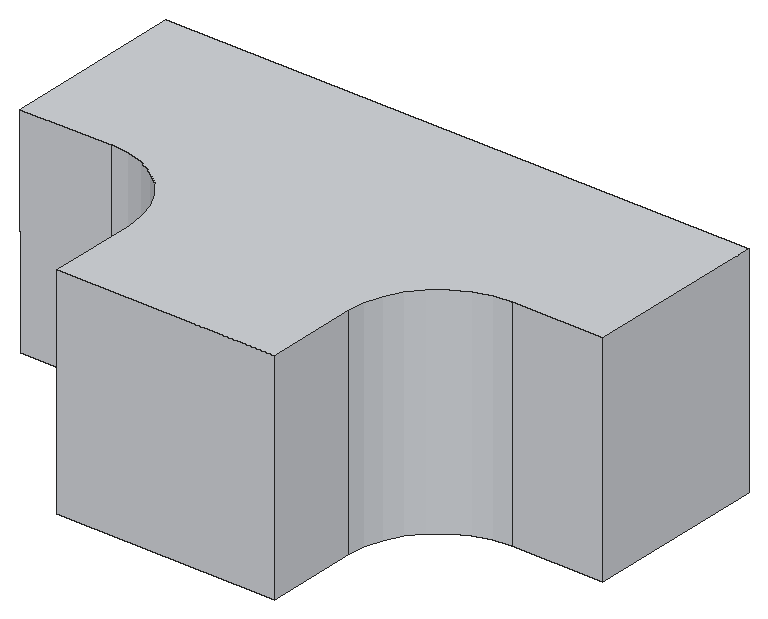
Revit family "M_T retangular - Filete", category Conexões de duto, Revit 2019
Family settings
  Cota do conector redondo = Utilizar diâmetro
  Tipo de parte = Tê
  Número OmniClass = 23.75.70.14
  Título OmniClass = Air Ductwork
  ID de item do Seek = Rectangular Tee - Fillet-0000-CAN-ENU
  Com base no plano de trabalho = Não
  Sempre na vertical = Sim
  Corte com vazios quando carregada = Não
  Compartilhado = Não
Parameters (values of type "Padrão")
  Largura do duto 4 [instance] = if(Largura do duto 3 > Largura do duto 1, Largura do duto 1, Largura do duto 3)  # 250 mm
  Raio 2 [instance] = if(Largura do duto 3 > Largura do duto 1, Largura do duto 1 / 2 + Raio 1, Largura do duto 3 / 2 + Raio 1)  # 250 mm
  Comprimento 1 [instance] = Largura do duto 3 / 2 + Raio 1  # 275 mm
  Comprimento 2 [instance] = Largura do duto 1 / 2 + Raio 1  # 250 mm
  Raio 1 [instance] = Comprimento do rebaixo / 2  # 125 mm
  Largura do duto 3 [instance] = 300 mm
  Largura do duto 1 [instance] = 250 mm
  Comprimento do rebaixo [instance] = 250 mm
  Meia largura 1 [instance] = Largura do duto 1 / 2  # 125 mm
  Comprimento do duto 3 [instance] = Largura do duto 1 / 2 + Comprimento do rebaixo  # 375 mm
  Meia largura 3 [instance] = Largura do duto 3 / 2  # 150 mm
  Comprimento do duto 1 [instance] = Largura do duto 3 / 2 + Comprimento do rebaixo  # 400 mm
  Altura do duto [instance] = 300 mm
  Assembly Code = ""
Reference planes
  plane 1 "Centro (Frente/Trás)": y = 0
  plane 2: z = 0
  plane 3 "Centro (Esquerda/Direita)": x = 0
  plane 4: x = -400
  plane 5: x = 400
  plane 6: y = -375
  plane 7: y = -250
  plane 8: x = -275
  plane 9: x = 275
Forms (mm)
  Sweep 1, solid, detail levels medium+fine
    path in 3D
      loop
        line (-400, 0, 0) -> (0, 0, 0)
    profile "M_Duto - Retangular : Duto - Retangular 1" origin (-200, 0, 0) x (0, 1, 0) y (0, 0, 1)
      loop
        line (-125, 150) -> (-125, -150) -> (125, -150) -> (125, 150) -> (-125, 150)
  Sweep 2, solid, detail levels medium+fine
    path in 3D
      loop
        line (0, 0, 0) -> (400, 0, 0)
    profile "M_Duto - Retangular : Duto - Retangular 1" origin (200, 0, 0) x (0, 1, 0) y (0, 0, 1)
      loop
        line (-125, 150) -> (-125, -150) -> (125, -150) -> (125, 150) -> (-125, 150)
  Sweep 3, solid, detail levels medium+fine
    path in 3D
      loop
        line (0, 0, 0) -> (0, -375, 0)
    profile "M_Duto - Retangular : Duto - Retangular 3" origin (0, -187.5, 0) x (1, 0, 0) y (0, 0, 1)
      loop
        line (-150, 150) -> (-150, -150) -> (150, -150) -> (150, 150) -> (-150, 150)
  Sweep 4, solid, detail levels medium+fine
    path in 3D
      loop
        arc (-275, 0, 0) -> (-98.223, -73.223, 0) -> (-25, -250, 0) r 250
    profile "M_Duto - Retangular : Duto - Retangular 4" origin (-98.223, -73.223, 0) x (0.707107, 0.707107, 0) y (0, 0, 1)
      loop
        line (-125, 150) -> (-125, -150) -> (125, -150) -> (125, 150) -> (-125, 150)
  Sweep 5, solid, detail levels medium+fine
    path in 3D
      loop
        arc (275, 0, 0) -> (98.223, -73.223, 0) -> (25, -250, 0) r 250
    profile "M_Duto - Retangular : Duto - Retangular 4" origin (98.223, -73.223, 0) x (0.707107, -0.707107, 0) y (0, 0, 1)
      loop
        line (-125, 150) -> (-125, -150) -> (125, -150) -> (125, 150) -> (-125, 150)
Cuts and joins
  joined: Sweep 1, Sweep 2, Sweep 3, Sweep 4, Sweep 5
Lines and regions (mm)
  model lines, style "DuctFitting", detail levels coarse
    curve 1: line (-400, 0, 0) -> (0, 0, 0)
    curve 2: line (0, 0, 0) -> (400, 0, 0)
    curve 3: line (0, 0, 0) -> (0, -375, 0)
  reference lines
    curve 4: arc (-275, 0, 0) -> (-98.223, -73.223, 0) -> (-25, -250, 0) r 250
    curve 6: arc (275, 0, 0) -> (98.223, -73.223, 0) -> (25, -250, 0) r 250
  sketch lines
    curve 5: arc (-275, 0, 0) -> (-98.223, -73.223, 0) -> (-25, -250, 0) r 250
    curve 7: arc (275, 0, 0) -> (98.223, -73.223, 0) -> (25, -250, 0) r 250
    curve 8: line (-400, 0, 0) -> (0, 0, 0)
    curve 9: line (0, 0, 0) -> (400, 0, 0)
    curve 10: line (0, 0, 0) -> (0, -375, 0)
Dimensions and locks
  equal spacing: plane 4, plane 3 "Centro (Esquerda/Direita)", plane 5
  "Comprimento do duto 1": plane 4 to plane 3 "Centro (Esquerda/Direita)"
  "Comprimento do duto 3": plane 6 to plane 1 "Centro (Frente/Trás)"
  "Comprimento 2": plane 7 to plane 1 "Centro (Frente/Trás)"
  "Comprimento 1": plane 8 to plane 3 "Centro (Esquerda/Direita)"
  "Comprimento 1": plane 3 "Centro (Esquerda/Direita)" to plane 9
  "Raio 2": radius of curve 4
  "Raio 2": radius of curve 6
  aligned and locked: plane 7 to curve 4  (x2)
  aligned and locked: plane 8 to curve 4
  aligned and locked: plane 9 to curve 6  (x2)
  aligned and locked: plane 7 to curve 6  (x2)
  aligned and locked: plane 4 to curve 1
  aligned and locked: plane 3 "Centro (Esquerda/Direita)" to curve 2
  aligned and locked: plane 5 to curve 2
  aligned and locked: plane 1 "Centro (Frente/Trás)" to curve 3
  aligned and locked: plane 6 to curve 3
Connectors
  hvac at (-400, 0, 0), driven by "Altura do duto", driven by "Largura do duto 1"
    settings: on Sweep 1, index 1, duct flow 0.0 L/s, flow factor 0, pres drop 0.0 Pa, loss coef 0, conn angle 0.00°, conn width 250 mm, conn height 300 mm, conn diameter 609.6 mm, duct sys type 28, conn prof type 1, flow config 0, flow direction 0, loss method 0, conn ref index 2, conn util no, is conn primary yes, conn desc ""
  hvac at (400, 0, 0), driven by "Altura do duto", driven by "Largura do duto 1"
    settings: on Sweep 2, index 2, duct flow 0.0 L/s, flow factor 0, pres drop 0.0 Pa, loss coef 0, conn angle 0.00°, conn width 250 mm, conn height 300 mm, conn diameter 609.6 mm, duct sys type 28, conn prof type 1, flow config 0, flow direction 0, loss method 0, conn ref index 1, conn util no, is conn primary no, conn desc ""
  hvac at (0, -375, 0), driven by "Altura do duto", driven by "Largura do duto 3"
    settings: on Sweep 3, index 3, duct flow 0.0 L/s, flow factor 0, pres drop 0.0 Pa, loss coef 0, conn angle 0.00°, conn width 300 mm, conn height 300 mm, conn diameter 609.6 mm, duct sys type 28, conn prof type 1, flow config 0, flow direction 0, loss method 0, conn ref index -1, conn util no, is conn primary no, conn desc ""
